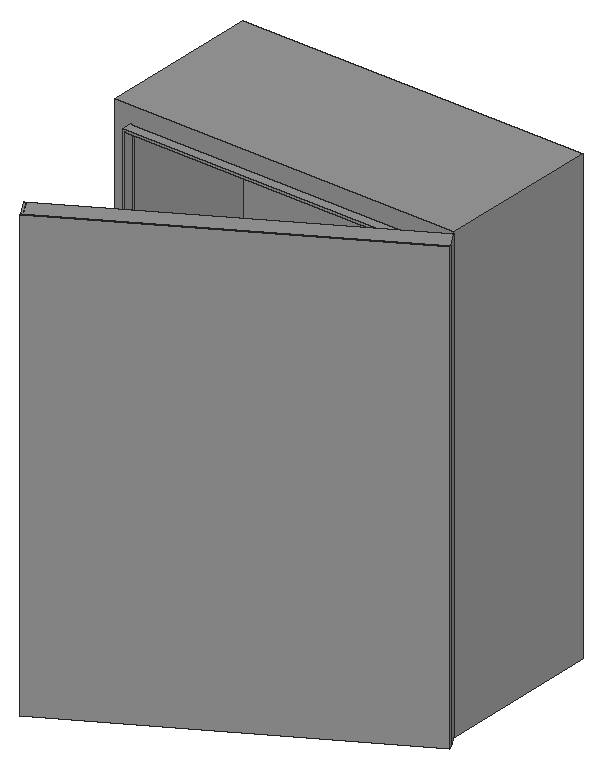
Revit family "Hager-Orion_Inox-IP65-D160-Cl.I-Inox_encl-630A-400mm-NoHosted-IT-it", category Equipement électrique, Revit 2020
Family settings
  Configuration du panneau = Deux colonnes, circuits au sein
  Cote de connecteur circulaire = Utiliser le diamètre
  Type d'élément = Tableau de raccordement
  Basée sur le plan de construction = Oui
  Toujours verticalement = Oui
  Couper avec des vides une fois chargée = Non
  Partagée = Non
  Point de calcul de pièce = Non
Parameters (values of type "incassato IP65 L300 A400 P160  - FL706BW")
  Width Control [instance] = if([EF000008 - Larghezza] > Min Width, [EF000008 - Larghezza], Min Width)  # 300 mm
  Commentaires du type = [HG000003 - Gamma]  # "Orion Inox"
  Thickness Door [instance] = if([EF009171 - spessore materiale porta/coperchio] > 3 mm, 3 mm, [EF009171 - spessore materiale porta/coperchio])  # 1.5 mm
  Seal Frame Offset [instance] = 17 mm  # constant formula
  Min Width [instance] = 100 mm  # constant formula
  Min Depth [instance] = (2 * [EF009170 - spessore materiale scatola]) + 1 mm  # 3.4 mm
  Min Height [instance] = 100 mm  # constant formula
  Internal Frame Depth [instance] = -(Door System Depth * 0.5)  # -9 mm
  Panel Name [instance] = ""  # (empty or 0)
  Model = ""
  HG000027 - Altezza dello zoccolo = 0 mm
  HG000026 - A pavimento = no
  HG000024 - Altezza della sezione inferiore = 600 mm
  HG000023 - Custodia a doppia sezione = no
  HG000016 - Visibilità delle porte nella vista 3D [instance] = yes
  HG000015 - Visibilità attraverso la porta [instance] = no
  HG000014 - Porta destra [instance] = yes
  HG000013 - Porta sinistra [instance] = not([HG000014 - Porta destra])  # no
  HG000012 - Angolo di apertura della porta [instance] = 30.00°
  HG000010 - Porte asimmetriche = no
  HG000009 - Porta doppia a battente = no
  HG000006 - Ad incasso = yes
  HG000004 - Codice produttore = "FL706BW"
  HG000003 - Gamma = "Orion Inox"
  HG000002 - Con porta = yes
  Frame Offset Bottom [instance] = 10 mm  # constant formula
  Frame Offset [instance] = 15 mm  # constant formula
  EF015940 - Coprire con rilascio di sovrapressione = no
  EF011959 - tipo di protezione (NEMA) = ""
  EF009554 - numero delle aperture per la piastra della flangia = 2
  EF009212 - esecuzione coperchio = "EV009916 - con taglio"
  EF009171 - spessore materiale porta/coperchio = 1.5 mm
  EF009170 - spessore materiale scatola = 1.2 mm
  EF008873 - corrente nominale (In) = 630 A
  EF007800 - adatto per parafulmine = no
  EF006306 - con serratura = yes
  EF006244 - coperchio/porta trasparente = no
  EF005474 - grado di protezione (IP) = "EV006421 - IP65"
  EF004464 - tipo di porta = "EV002646 - singolo"
  EF004427 - numero di moduli = 0
  EF004293 - resistenza agli urti = "EV008784 - IK10"
  EF003532 - adatto per uso esterno = yes
  EF002950 - Numero moduli DIN = 0
  EF001613 - Integrità del circuito = ""
  EF001596 - Attacco Lampada = "EV000166 - acciaio inossidabile"
  EF001131 - profondità interna = 160 mm
  EF001088 - possibilità di applicazione = no
  EF000437 - numero di ingressi per conduttori = 2
  EF000339 - tipo di copertura = "EV004216 - porta"
  EF000266 - numero di file = 0
  EF000218 - profondità di incasso = 0 mm
  EF000118 - con piastra di montaggio = yes
  EF000116 - numero RAL = ""
  EF000049 - profondità = 160 mm
  EF000040 - Altezza = 400 mm
  EF000008 - Larghezza = 300 mm
  EF000007 - colore = "EV000154 - altri"
  EF000003 - Tipo di montaggio = "EV001247 - apparente/incassato"
  Door System Leaf Tolerance [instance] = 1.5 mm  # constant formula
  Door System Depth [instance] = 18 mm  # constant formula
  Description = ""
  Default Elevation = 1219.2 mm
  Connector Offset [instance] = Height Control / 2  # 200 mm
  Fabricant = "Hager"  # constant formula
  Height Control [instance] = if([EF000040 - Altezza] > Min Height, [EF000040 - Altezza], Min Height)  # 400 mm
  Depth Control [instance] = if([EF000049 - profondità] > Min Depth, [EF000049 - profondità], Min Depth)  # 160 mm
Types (2, lengths in mm): name | HG000006 - Ad incasso
  apparente IP65 L300 A400 P160  - FL706BW | no
  incassato IP65 L300 A400 P160  - FL706BW | yes
Reference planes
  plane 1 "Center (Front/Back)": y = 0
  plane 2: z = 0
  plane 3 "Center (Left/Right)": x = 0
  plane 4: y = 0
  plane 5: y = 0
  plane 6: z = 0
  plane 7: x = -150
  plane 8: x = 150
  plane 9: x = 148.8
  plane 10: x = -148.8
  plane 11: z = 0
  plane 12: z = 1.2
  plane 13: y = -160
  plane 14: y = -1.2
  plane 15: x = 0
  plane 16: y = -142
  plane 17: y = -158.8
  plane 18: y = -140.8
  plane 19: x = -133.8
  plane 20: x = 133.8
  plane 21: z = 11.2
  plane 22: x = -133
  plane 23: x = 133
  plane 24: z = 0
  plane 25: z = 400
  plane 26: z = 400
  plane 27: z = 383.8
  plane 28: z = 398.8
Forms (mm)
  Extrusion 1, solid, material "Hager_Stainless_Steel", detail levels medium+fine
    sketch origin (-208.679, -4572, 0) x (-1, 0, 0) y (0, -1, 0)
      loop
        line (-58.679, -4430) -> (-358.679, -4430) -> (-358.679, -4572) -> (-58.679, -4572) -> (-58.679, -4430)
    from 0 to 400
  Extrusion 2, void
    sketch origin (-350.771, -160, 1219.2) x (1, 0, 0) y (0, 0, 1)
      loop
        line (201.971, -820.4) -> (201.971, -1218) -> (499.571, -1218) -> (499.571, -820.4) -> (201.971, -820.4)
    from -19.2 to -158.8
  Extrusion 3, void
    sketch origin (-290.084, -142, 1219.2) x (1, 0, 0) y (0, 0, 1)
      loop
        line (156.284, -1208) -> (423.884, -1208) -> (423.884, -835.4) -> (156.284, -835.4) -> (156.284, -1208)
    from 0 to -1.2
  Extrusion 4, solid, material "Hager_Stainless_Steel", detail levels fine
    sketch origin (-290.084, -142, 1219.2) x (-1, 0, 0) y (0, 0, 1)
      loop
        line (-423.884, -1208) -> (-156.284, -1208) -> (-156.284, -835.4) -> (-423.884, -835.4) -> (-423.884, -1208)
      loop
        line (-425.384, -1209.5) -> (-154.784, -1209.5) -> (-154.784, -833.9) -> (-425.384, -833.9) -> (-425.384, -1209.5)
    from 0 to -9 <- "Internal Frame Depth"
  Extrusion 5, solid, material "Hager_Stainless_Steel", detail levels coarse
    sketch origin (0, 0, 0) x (1, 0, 0) y (0, 1, 0)
      loop
        line (-150, 0) -> (-150, -160) -> (150, -160) -> (150, 0) -> (-150, 0)
    from 0 to 400 <- "Height Control"
Cuts and joins
  Extrusion 2, Extrusion 3 cuts Extrusion 1
Lines and regions (mm)
  Masking region 1
    outline origin (0, 0, 0) x (1, 0, 0) y (0, 1, 0)
      loop
        line (-150, 0) -> (-150, -160) -> (150, -160) -> (150, 0) -> (-150, 0)
  Masking region 2
    outline origin (-290.084, -142, 1219.2) x (-1, 0, 0) y (0, 0, 1)
      loop
        line (-440.084, -1219.2) -> (-140.084, -1219.2) -> (-140.084, -819.2) -> (-440.084, -819.2) -> (-440.084, -1219.2)
  Masking region 3, detail levels coarse
    outline origin (0, 0, 0) x (0, 1, 0) y (0, 0, 1)
      loop
        line (0, 0) -> (0, 400) -> (-160, 400) -> (-160, 0) -> (0, 0)
  Masking region 4, detail levels medium+fine
    outline origin (0, 0, 594.038) x (0, 1, 0) y (0, 0, 1)
      loop
        line (0, -594.038) -> (0, -194.038) -> (-142, -194.038) -> (-142, -594.038) -> (0, -594.038)
Dimensions and locks
  locked: plane 1 "Center (Front/Back)" to plane 5
  "EF009170 - spessore materiale scatola": plane 7 to plane 10
  "EF009170 - spessore materiale scatola": plane 8 to plane 9
  equal spacing: plane 7, plane 3 "Center (Left/Right)", plane 8
  "Width Control": plane 7 to plane 8
  "Depth Control": plane 4 to plane 13
  "EF009170 - spessore materiale scatola": plane 4 to plane 14
  "Height Control": plane 25 to level
  "EF009170 - spessore materiale scatola": plane 12 to plane 11
  "EF009170 - spessore materiale scatola": plane 17 to plane 13
  "EF009170 - spessore materiale scatola": plane 18 to plane 16
  "Frame Offset Bottom": plane 21 to plane 12
  "Frame Offset": plane 10 to plane 19
  "Frame Offset": plane 9 to plane 20
  "Door System Depth": plane 16 to plane 13
  "Seal Frame Offset": plane 7 to plane 22
  "Seal Frame Offset": plane 8 to plane 23
  "EF009170 - spessore materiale scatola": plane 26 to plane 28
  "Frame Offset": plane 28 to plane 27
  "Connector Offset": plane 2 to connector elem
  "Thickness Door": cut or joined group of Extrusion 1, Extrusion 2, Extrusion 3 to Extrusion 4 sketch curve
  "Thickness Door": Extrusion 4 sketch curve to plane 19
  "Thickness Door": Extrusion 4 sketch curve to plane 20
  "Thickness Door": Extrusion 4 sketch curve to plane 27
  aligned and locked: plane 12 to Extrusion 2 sketch curve
  aligned and locked: Extrusion 2 sketch curve to plane 9
  aligned and locked: Extrusion 2 sketch curve to plane 10
  aligned and locked: plane 14 to Extrusion 2
  aligned and locked: plane 4 to Extrusion 1 sketch curve
  aligned and locked: plane 8 to Extrusion 1 sketch curve
  aligned and locked: plane 7 to Extrusion 1 sketch curve
  aligned and locked: Extrusion 2 to plane 18
  aligned and locked: plane 19 to Extrusion 3 sketch curve
  aligned and locked: plane 20 to Extrusion 3 sketch curve
  aligned and locked: Extrusion 3 to Extrusion 2
  aligned and locked: Extrusion 3 sketch curve to plane 21
  aligned and locked: plane 3 "Center (Left/Right)" to nested 1
  aligned and locked: Extrusion 1 sketch curve to plane 16
  aligned and locked: Masking region 1 sketch curve to plane 7
  aligned and locked: Masking region 1 sketch curve to plane 5
  aligned and locked: Masking region 1 sketch curve to plane 8
  aligned and locked: Masking region 2 sketch curve to level
  aligned and locked: level to Masking region 3 sketch curve
  aligned and locked: plane 1 "Center (Front/Back)" to Masking region 3 sketch curve
  aligned and locked: plane 13 to Masking region 3 sketch curve
  aligned and locked: Masking region 2 sketch curve to plane 8
  aligned and locked: Masking region 2 sketch curve to plane 7
  aligned and locked: plane 7 to nested 2
  aligned and locked: nested 2 to plane 5
  aligned and locked: plane 5 to Masking region 4 sketch curve
  aligned and locked: plane 26 to Masking region 4 sketch curve
  aligned and locked: Extrusion 5 sketch curve to plane 8
  aligned and locked: Extrusion 5 sketch curve to plane 7
  aligned and locked: Extrusion 5 sketch curve to plane 5
  aligned and locked: plane 27 to Extrusion 3 sketch curve
  aligned and locked: Extrusion 2 sketch curve to plane 28
  aligned and locked: plane 27 to Extrusion 4 sketch curve
  aligned and locked: Extrusion 4 sketch curve to plane 20
  aligned and locked: plane 21 to Extrusion 4 sketch curve
  aligned and locked: Extrusion 4 sketch curve to plane 19
  aligned and locked: Masking region 2 to plane 25
  aligned and locked: Masking region 4 sketch curve to plane 24
  aligned and locked: Masking region 1 to plane 13
  aligned and locked: nested 1 to plane 16
  aligned and locked: Masking region 3 to plane 25
  aligned and locked: Masking region 4 sketch curve to plane 16
  aligned and locked: plane 24 to plane 11
  aligned and locked: plane 26 to plane 25
  aligned and locked: level to plane 24
  aligned and locked: Extrusion 1 to Masking region 3
  aligned and locked: level to nested 1
Automatic sketch dimensions
  Extrusion 5 sketch curve to plane 13 = 0 mm
  plane 27 to Masking region 2 sketch curve = 16.2 mm
  plane 27 to Masking region 3 sketch curve = 16.2 mm
  Masking region 1 sketch curve to plane 13 = 0 mm
  Extrusion 3 sketch curve to plane 21 = 0 mm
  plane 19 to Extrusion 3 sketch curve = 0 mm
  Extrusion 3 sketch curve to plane 20 = 0 mm
Nested families
  nested 1: "EC000058_OrionInox_Door" at (0, -142, 0), Double <- "HG000009 - Porta doppia a battente", Transparent <- "EF006244 - coperchio/porta trasparente", Angle <- "HG000012 - Angolo di apertura della porta", Door_Right <- "HG000014 - Porta destra", Assymetrical <- "HG000010 - Porte asimmetriche", Door <- "HG000002 - Con porta", Width_Ctrl <- "Width Control", 3d_Door <- "HG000016 - Visibilità delle porte nella vista 3D", Clearance <- "HG000015 - Visibilità attraverso la porta", Door_Left <- "HG000013 - Porta sinistra", Width <- "Width Control", Door_Depth <- "Door System Depth", Leaf_Tolerance <- "Door System Leaf Tolerance", Height <- "Height Control", Thickness <- "Thickness Door", type "EC000058_OrionInox_Door", detail levels medium+fine
    with min_wh 4 mm, Width_Ctrl 300 mm, Width 300 mm, Transparent no, Thickness 1.5 mm, Seal_Material Hager_Rubber, Leaf_Width 300 mm, Leaf_Tolerance_External_Sides 0 mm, Leaf_Tolerance 1.5 mm, Leaf_Offset 0 mm, Leaf_Height 397 mm, Leaf_2_Width 300 mm, Leaf_2_Offset 150 mm, Leaf_1_Width 300 mm, Leaf_1_Offset 150 mm, Height_Ctrl 400 mm, Height 400 mm, Glass_Material Hager_Glass, Double_Clearance_Ctrl no, Double no, Door_Right_Ctrl yes, Door_Right yes, Door_Material Hager_Stainless_Steel, Door_Left_Ctrl no, Door_Left no, Door_Depth 18 mm, Door yes, Clearance_Material Hager_Clearance, Clearance_Depth 300 mm, Clearance_Ctrl no, Clearance no, Assymetrical no, Angle 30.00°, 3d_Door yes
  nested 2: "Hager_Enclosure_Symbol" at (-150, 0, 0), Height <- "Depth Control", Width <- "Width Control", type "Hager_Enclosure_Symbol"
    with Width_Ctrl 300 mm, Width 300 mm, Height_Ctrl 160 mm, Height 160 mm, A_Width_Int 10.5 mm, A_Width 126 mm, A_Height_Ctrl 140 mm, A_Height 140 mm
Connectors
  electrical at (0, 0, 200)
    settings: on plane 1 "Center (Front/Back)", index 1, voltage 0 V, apparent load 0 VA, apparent load phase1 0 VA, apparent load phase2 0 VA, apparent load phase3 0 VA, power factor 1, load classification "Other", number of poles 1, system type 30, power factor state 1, is connector primary yes, connector utility no, sub classification motor no, connector description ""
Definition of nested family "EC000058_OrionInox_Door"
  Parameters (values of type "EC000058_OrionInox_Door")
    min_wh [instance] = (2 * Thickness) + 1 mm  # 11 mm
    Width_Ctrl [instance] = 400 mm
    Width [instance] = 500 mm
    Transparent [instance] = yes
    Thickness [instance] = 5 mm
    Seal_Material [instance] = none
    Leaf_Width [instance] = if((Width_Ctrl - 2 * Leaf_Tolerance_External_Sides) > 0 mm, (Width_Ctrl - 2 * Leaf_Tolerance_External_Sides), min_wh)  # 400 mm
    Leaf_Tolerance_External_Sides [instance] = 0 mm  # constant formula
    Leaf_Tolerance [instance] = 1.5 mm
    Leaf_Offset [instance] = 0 mm  # constant formula
    Leaf_Height [instance] = if((Height_Ctrl - 2 * Leaf_Tolerance) > 0 mm, (Height_Ctrl - 2 * Leaf_Tolerance), min_wh)  # 497 mm
    Leaf_2_Width [instance] = if(and(and(Double, Assymetrical), Door_Left), (Leaf_Width / 3) - (Leaf_Tolerance / 2), if(and(and(Double, Assymetrical), Door_Right), (Leaf_Width / 3) * 2 - (Leaf_Tolerance / 2), if(and(Double, not(Assymetrical)), (Leaf_Width / 2) - Leaf_Tolerance, Leaf_Width)))  # 400 mm
    Leaf_2_Offset [instance] = if(and(Double, Assymetrical), Leaf_2_Width / 2, if(and(Double, not(Assymetrical)), Leaf_Width / 4, Leaf_Width / 2))  # 200 mm
    Leaf_1_Width [instance] = if(and(and(Double, Assymetrical), Door_Right), (Leaf_Width / 3) - (Leaf_Tolerance / 2), if(and(and(Double, Assymetrical), Door_Left), (Width / 3) * 2 - (Leaf_Tolerance / 2), if(and(Double, not(Assymetrical)), (Leaf_Width / 2) - Leaf_Tolerance, Leaf_Width)))  # 400 mm
    Leaf_1_Offset [instance] = if(and(Double, Assymetrical), Leaf_1_Width / 2, if(and(Double, not(Assymetrical)), Leaf_Width / 4, Leaf_Width / 2))  # 200 mm
    Height_Ctrl [instance] = if(Height > min_wh, Height, min_wh)  # 500 mm
    Height [instance] = 500 mm
    Glass_Material [instance] = none
    Double_Clearance_Ctrl [instance] = and(Double, Clearance)  # no
    Double [instance] = no
    Door_Right_Ctrl [instance] = and(or(Door_Right, Double), Door)  # yes
    Door_Right [instance] = yes
    Door_Material [instance] = none
    Door_Left_Ctrl [instance] = and(or(Door_Left, Double), Door)  # no
    Door_Left [instance] = no
    Door_Depth [instance] = 30 mm
    Door [instance] = yes
    Default Elevation = 1219.2 mm
    Clearance_Material [instance] = none
    Clearance_Depth [instance] = if(Leaf_1_Width > Leaf_2_Width, Leaf_1_Width, Leaf_2_Width)  # 400 mm
    Clearance_Ctrl [instance] = and(not(Double), Clearance)  # yes
    Clearance [instance] = yes
    Assymetrical [instance] = yes
    Angle [instance] = 30.00°
    3d_Door [instance] = yes
  Reference planes
    plane 1 "Center (Front/Back)": y = 0
    plane 2 "Bottom": z = 0
    plane 3 "Center (Left/Right)": x = 0
    plane 4: z = 500
    plane 5: x = -200
    plane 6: x = 200
    plane 7: z = 500
    plane 8: x = -200
    plane 9: z = 0
    plane 10: x = 200
    plane 11: y = 0
    plane 12: z = 1.5
    plane 13: x = -600
    plane 14: y = -400
    plane 15: x = 600
    plane 16: x = 0
    plane 17: x = 0
    plane 18: x = -200
    plane 19: x = 200
    plane 20: z = 498.5
  Forms (mm)
    Extrusion 1, solid, material <- "Clearance_Material", visible <- "Double_Clearance_Ctrl"
      sketch origin (1200, 0, 0) x (1, 0, 0) y (0, 0, -1)
        loop
          line (-1800, -498.5) -> (-600, -498.5) -> (-600, 0) -> (-1800, 0) -> (-1800, -498.5)
      from 0 to -400
  Dimensions and locks
    equal spacing: plane 5, plane 3 "Center (Left/Right)", plane 6
    "Width_Ctrl": plane 5 to plane 6
    "Leaf_Offset": plane 5 to plane 8
    "Leaf_Offset": plane 6 to plane 10
    "Leaf_Offset": plane 9 to level
    "Leaf_Offset": plane 4 to plane 7
    "Height_Ctrl": plane 4 to level
    "Leaf_Tolerance": plane 12 to plane 9
    locked: plane 11 to plane 1 "Center (Front/Back)"
    "Leaf_1_Offset": plane 18 to plane 16
    "Leaf_2_Offset": plane 17 to plane 19
    "Leaf_1_Width": plane 13 to plane 8
    "Leaf_2_Width": plane 10 to plane 15
    "Clearance_Depth": plane 14 to plane 1 "Center (Front/Back)"
    "Leaf_Tolerance_External_Sides": plane 8 to plane 18
    "Leaf_Tolerance_External_Sides": plane 19 to plane 10
    "Leaf_Tolerance": plane 7 to plane 20
    aligned and locked: level to plane 2 "Bottom"
    aligned and locked: nested 1 to plane 16
    aligned and locked: nested 2 to plane 17
    aligned and locked: Extrusion 1 to plane 13
    aligned and locked: plane 15 to Extrusion 1
    aligned and locked: Extrusion 1 to plane 14
    aligned and locked: plane 12 to nested 1
    aligned and locked: nested 2 to plane 12
    aligned and locked: Extrusion 1 to plane 11
    aligned and locked: plane 20 to Extrusion 1
    aligned and locked: nested 2 to plane 11
    aligned and locked: nested 1 to plane 11
  Automatic sketch dimensions
    Extrusion 1 sketch curve to level = 0 mm
    plane 5 to Extrusion 1 sketch curve = 400 mm
    plane 6 to Extrusion 1 sketch curve = 400 mm
    Extrusion 1 sketch curve to plane 4 = 1.5 mm
  Nested families
    nested 1: "EC000058_OrionInox_Door_Leaf" at (0, 0, 1.5), Width <- "Leaf_1_Width", visible <- "Door_Left_Ctrl", Leaf_Height <- "Leaf_Height", Angle <- "Angle", 3d_Door <- "3d_Door", Transparent <- "Transparent", Clearance Material <- "Clearance_Material", Clearance <- "Clearance_Ctrl", Door_Material <- "Door_Material", Glass_Material <- "Glass_Material", Door_Depth <- "Door_Depth", Seal_Material <- "Seal_Material", Thickness <- "Thickness", type "EC000058_OrionInox_Door_Leaf"
      with Width 400 mm, Transparent_Ctrl yes, Transparent yes, Thickness 5 mm, Standard no, Seal_Material none, Seal_D2 8 mm, Seal_D1 1 mm, Offset_Internal_Frame 10 mm, Lock_Width 28 mm, Lock_Thickness 2 mm, Lock_Radius 6 mm, Leaf_Height 497 mm, Internal_Seal_Thickness 8 mm, Internal_Seal_Depth_2 4.5 mm, Internal_Frame_Depth 25 mm, Glass_Thickness -1 mm, Glass_Offset -2 mm, Glass_Material none, Door_Material none, Door_Depth 30 mm, Clearance Material none, Clearance yes, Angle_Ctrl 30.00°, Angle 30.00°, 3d_Door yes
    nested 2: "EC000058_OrionInox_Door_Leaf" at (0, 0, 1.5) x (-1, 0, 0) z (0, 0, 1), Width <- "Leaf_2_Width", visible <- "Door_Right_Ctrl", Leaf_Height <- "Leaf_Height", Angle <- "Angle", 3d_Door <- "3d_Door", Transparent <- "Transparent", Clearance Material <- "Clearance_Material", Clearance <- "Clearance_Ctrl", Door_Material <- "Door_Material", Glass_Material <- "Glass_Material", Door_Depth <- "Door_Depth", Seal_Material <- "Seal_Material", Thickness <- "Thickness", type "EC000058_OrionInox_Door_Leaf"
      with Width 400 mm, Transparent_Ctrl yes, Transparent yes, Thickness 5 mm, Standard no, Seal_Material none, Seal_D2 8 mm, Seal_D1 1 mm, Offset_Internal_Frame 10 mm, Lock_Width 28 mm, Lock_Thickness 2 mm, Lock_Radius 6 mm, Leaf_Height 497 mm, Internal_Seal_Thickness 8 mm, Internal_Seal_Depth_2 4.5 mm, Internal_Frame_Depth 25 mm, Glass_Thickness -1 mm, Glass_Offset -2 mm, Glass_Material none, Door_Material none, Door_Depth 30 mm, Clearance Material none, Clearance yes, Angle_Ctrl 30.00°, Angle 30.00°, 3d_Door yes
  Definition of nested family "EC000058_OrionInox_Door_Leaf"
    Parameters (values of type "EC000058_OrionInox_Door_Leaf")
      Width [instance] = 450 mm
      Transparent_Ctrl [instance] = and(Transparent, [3d_Door])  # yes
      Transparent [instance] = yes
      Thickness [instance] = 5 mm
      Standard [instance] = and(not(Transparent), [3d_Door])  # no
      Seal_Material [instance] = none
      Seal_D2 [instance] = 8 mm  # constant formula
      Seal_D1 [instance] = 1 mm  # constant formula
      Offset_Internal_Frame [instance] = 10 mm  # constant formula
      Lock_Width [instance] = Door_Depth - Lock_Thickness  # 28 mm
      Lock_Thickness [instance] = 2 mm  # constant formula
      Lock_Radius [instance] = 6 mm  # constant formula
      Leaf_Height [instance] = 450 mm
      Internal_Seal_Thickness [instance] = 8 mm  # constant formula
      Internal_Seal_Depth_2 [instance] = 4.5 mm  # constant formula
      Internal_Frame_Depth [instance] = if(Door_Depth - Thickness > 5 mm, Door_Depth - Thickness, 5 mm)  # 25 mm
      Glass_Thickness [instance] = if(Thickness > 15 mm, Glass_Offset + 10 mm, -1 mm)  # -1 mm
      Glass_Offset [instance] = if(Thickness > 15 mm, -(Thickness + 10 mm) / 2, -2 mm)  # -2 mm
      Glass_Material [instance] = none
      Door_Material [instance] = none
      Door_Depth [instance] = 30 mm
      Default Elevation = 0 mm
      Clearance Material [instance] = none
      Clearance [instance] = yes
      Angle_Ctrl [instance] = if(Angle > 180.00°, 180.00°, Angle)  # 90.00°
      Angle [instance] = 90.00°
      3d_Door [instance] = yes
    Reference planes
      plane 1 "Center (Front/Back)": y = 0
      plane 2: z = 0
      plane 3 "Center (Left/Right)": x = 0
      plane 4: y = 450
      plane 5: x = -225
      plane 6: x = 225
      plane 7: x = -675
      plane 8: z = 450
      plane 9: z = 30
      plane 10: z = 420
      plane 11: x = 195
      plane 12: x = -195
      plane 13: y = -3
      plane 14: z = 107.833
      plane 15: y = -5
      plane 16: y = -223.314
      plane 17: x = -225
      plane 18: y = 30
    Forms (mm)
      Extrusion 1, solid, material <- "Clearance Material", visible <- "Clearance"
        sketch origin (0, 0, 0) x (1, 0, 0) y (0, 0, 1)
          loop
            line (-675, 450) -> (-675, 0) -> (225, 0) -> (225, 450) -> (-675, 450)
        from 0 to -450
      Extrusion 2, solid, material <- "Door_Material", visible <- "Standard", detail levels medium+fine
        sketch origin (-225, 0, 0) x (0, 1, 0) y (-1, 0, 0)
          loop
            line (0, 30) -> (0, 25) -> (450, 25) -> (450, 30) -> (0, 30)
        from 0 to 450 <- "Leaf_Height"
      Extrusion 3, solid, material <- "Door_Material", visible <- "Transparent_Ctrl", detail levels medium+fine
        sketch origin (-225, 0, 0) x (0, 1, 0) y (-1, 0, 0)
          loop
            line (0, 25) -> (450, 25) -> (450, 30) -> (0, 30) -> (0, 25)
        from 0 to 450 <- "Leaf_Height"
      Extrusion 4, void
        sketch origin (-250, 450, 0) x (0, 1, 0) y (0, 0, -1)
          loop
            line (-30, -420) -> (-30, -30) -> (-420, -30) -> (-420, -420) -> (-30, -420)
        from 0 to 5 <- "Thickness"
      Sweep 5, solid, material <- "Seal_Material", visible <- "Transparent_Ctrl", detail levels fine
        path in 3D
          loop
            line (-250, 30, 30) -> (-250, 30, 420) -> (-250, 420, 420) -> (-250, 420, 30) -> (-250, 30, 30)
        profile origin (-250, 225, 30) x (1, 0, 0) y (0, 0, 1)
          loop
            line (0, 0) -> (0, -8) -> (1, -8) -> (1, 0) -> (0, 0)
      Extrusion 6, solid, material <- "Glass_Material", visible <- "Transparent_Ctrl", detail levels medium+fine
        sketch origin (-255, 0, 0) x (0, 1, 0) y (0, 0, -1)
          loop
            line (420, -420) -> (420, -30) -> (30, -30) -> (30, -420) -> (420, -420)
        from -2 <- "Glass_Offset" to -1 <- "Glass_Thickness"
      Extrusion 7, solid, material <- "Door_Material", visible <- "3d_Door", detail levels medium+fine
        sketch origin (-250, 450, 0) x (0, -1, 0) y (0, 0, -1)
          loop
            line (0, -450) -> (450, -450) -> (450, 0) -> (0, 0) -> (0, -450)
          loop
            line (445, -5) -> (5, -5) -> (5, -445) -> (445, -445) -> (445, -5)
        from 0 to 25 <- "Internal_Frame_Depth"
      Sweep 8, solid, material <- "Seal_Material", visible <- "Transparent_Ctrl", detail levels fine
        path in 3D
          loop
            line (-250, 0, 0) -> (-250, 450, 0) -> (-250, 450, 450) -> (-250, 0, 450) -> (-250, 0, 0)
        profile origin (-250, 0, 225) x (1, 0, 0) y (0, 1, 0)
          loop
            line (0, 10) -> (2.975, 10)
            arc (2.975, 10) -> (4.053, 10.447) -> (4.5, 11.525) r 1.525
            line (4.5, 11.525) -> (4.5, 16.527)
            arc (4.5, 16.527) -> (4.069, 17.569) -> (3.027, 18) r 1.473
            line (3.027, 18) -> (0, 18) -> (0, 10)
    Cuts and joins
      Extrusion 4 cuts Extrusion 3
    Lines and regions (mm)
      Masking region 1, detail levels medium+fine
        outline origin (0, 0, 0) x (0, 1, 0) y (0, 0, 1)
          loop
            line (0, 0) -> (30, 0) -> (30, 450) -> (0, 450) -> (0, 0)
      Masking region 2, detail levels medium+fine
        outline origin (0, 0, 0) x (1, 0, 0) y (0, 0, 1)
          loop
            line (-225, 450) -> (-225, 0) -> (225, 0) -> (225, 450) -> (-225, 450)
      symbolic lines
        curve 1: line (225, 0, 0) -> (-675, 0, 0)
        curve 2: arc (225, 0, 0) -> (-225, 450, 0) -> (-675, 0, 0) r 450
        curve 4: line (-255, 0, 0) -> (-255, 450, 0)
      reference lines
        curve 3: line (-225, 0, 0) -> (-225, 450, 0)
      symbolic lines, detail levels medium+fine
        curve 5: line (-255, 450, 0) -> (-250, 450, 0)
        curve 7: line (-250, 0, 0) -> (-255, 0, 0)
        curve 8: line (-250, 0, 0) -> (-225, 0, 0)
        curve 9: line (-225, 0, 0) -> (-225, 450, 0)
        curve 10: line (-225, 450, 0) -> (-250, 450, 0)
      symbolic lines, detail levels fine
        curve 6: line (-250, 450, 0) -> (-250, 0, 0)
      sketch lines
        curve 11: line (-250, 0, 450) -> (-250, 0, 0)
        curve 12: line (-250, 450, 0) -> (-250, 0, 0)
        curve 13: line (-250, 450, 450) -> (-250, 450, 0)
        curve 14: line (-250, 0, 450) -> (-250, 450, 450)
        curve 15: line (-250, 420, 30) -> (-250, 30, 30)
        curve 16: line (-250, 30, 30) -> (-250, 30, 420)
        curve 17: line (-250, 420, 420) -> (-250, 420, 30)
        curve 18: line (-250, 30, 420) -> (-250, 420, 420)
      symbolic lines, visible <- "Transparent", detail levels medium+fine
        curve 19: line (-195, 0, 420) -> (195, 0, 420)
        curve 20: line (-195, 0, 30) -> (-195, 0, 420)
        curve 21: line (195, 0, 30) -> (-195, 0, 30)
        curve 22: line (195, 0, 420) -> (195, 0, 30)
    Dimensions and locks
      "Width": plane 1 "Center (Front/Back)" to plane 4
      equal spacing: plane 5, plane 3 "Center (Left/Right)", plane 6
      "Width": plane 5 to plane 6
      "Width": plane 7 to plane 5
      "Leaf_Height": plane 8 to level
      "Width": curve 5 to curve 3
      "Width": curve 3 to curve 3
      plane 8 to plane 10 = 30 mm
      plane 9 to level = 30 mm
      plane 12 to plane 5 = 30 mm
      plane 6 to plane 11 = 30 mm
      Extrusion 4 sketch curve to Extrusion 3 = 30 mm
      Extrusion 3 to Extrusion 4 sketch curve = 30 mm
      Extrusion 1 to Extrusion 4 sketch curve = 30 mm
      curve 3 to Extrusion 4 sketch curve = 30 mm
      Extrusion 4 sketch curve to cut or joined group of Extrusion 3, Extrusion 4 = 30 mm
      cut or joined group of Extrusion 3, Extrusion 4 to Extrusion 6 sketch curve = 30 mm
      cut or joined group of Extrusion 3, Extrusion 4 to Extrusion 4 sketch curve = 30 mm
      "Thickness": curve 6 to curve 4
      "Thickness": Extrusion 7 sketch curve to Extrusion 7 sketch curve  (x4)
      "Door_Depth": curve 4 to curve 3
      "Offset_Internal_Frame": profile plane to Sweep 8 sketch curve
      "Internal_Seal_Thickness": Sweep 8 sketch curve to Sweep 8 sketch curve
      "Internal_Seal_Depth_2": profile plane to Sweep 8 sketch curve
      "Seal_D1": profile plane to Sweep 5 sketch curve
      "Seal_D2": profile plane to Sweep 5 sketch curve
      "Thickness": Extrusion 2 sketch curve to Extrusion 2 sketch curve
      "Door_Depth": plane 18 to plane 1 "Center (Front/Back)"
      radius of Sweep 8 sketch curve = 1.525 mm
      radius of Sweep 8 sketch curve = 1.473 mm
      "Angle_Ctrl": angle plane 1 "Center (Front/Back)" to curve 3
      aligned and locked: level to plane 2
      aligned and locked: Extrusion 1 to curve 1
      aligned and locked: plane 6 to Extrusion 1
      aligned and locked: plane 1 "Center (Front/Back)" to Extrusion 1
      aligned and locked: plane 4 to Extrusion 1
      aligned and locked: plane 8 to Extrusion 1
      aligned and locked: curve 7 to Extrusion 2 sketch curve
      aligned and locked: curve 5 to Extrusion 2 sketch curve
      aligned and locked: curve 7 to Extrusion 3 sketch curve
      aligned and locked: Extrusion 3 sketch curve to curve 4
      aligned and locked: Extrusion 3 sketch curve to curve 6
      aligned and locked: Extrusion 3 sketch curve to curve 5
      aligned and locked: curve 9 to curve 3
      aligned and locked: Extrusion 7 sketch curve to cut or joined group of Extrusion 3, Extrusion 4  (x4)
      aligned and locked: plane 17 to curve 3
      aligned and locked: plane 1 "Center (Front/Back)" to curve 3
      aligned and locked: plane 17 to plane 5
      aligned and locked: Sweep 8 sketch curve to profile plane
      aligned and locked: Sweep 5 sketch curve to profile plane  (x2)
      aligned and locked: plane 1 "Center (Front/Back)" to Masking region 1 sketch curve
      aligned and locked: plane 18 to Masking region 1 sketch curve
      aligned and locked: level to Masking region 1 sketch curve
      aligned and locked: Masking region 1 sketch curve to plane 8
      aligned and locked: plane 17 to Masking region 2 sketch curve
      aligned and locked: level to Masking region 2 sketch curve
      aligned and locked: Masking region 2 sketch curve to plane 8
      aligned and locked: plane 12 to curve 20
      aligned and locked: plane 10 to curve 19
      aligned and locked: plane 11 to curve 22
      aligned and locked: plane 9 to curve 21
      aligned and locked: Extrusion 2 sketch curve to cut or joined group of Extrusion 3, Extrusion 4
    Automatic sketch dimensions
      plane 1 "Center (Front/Back)" to curve 2 = 0 mm
      curve 2 to plane 5 = 0 mm
      Extrusion 1 sketch curve to level = 0 mm
      Extrusion 1 sketch curve to plane 7 = 0 mm
      Extrusion 1 sketch curve to plane 6 = 0 mm
      Extrusion 1 sketch curve to plane 8 = 0 mm
      Extrusion 3 to Extrusion 6 sketch curve = 30 mm  (x4)
      Masking region 2 sketch curve to plane 6 = 0 mm
      curve 4 to curve 3 = 0 mm
Definition of nested family "Hager_Enclosure_Symbol"
  Parameters (values of type "Hager_Enclosure_Symbol")
    Width_Ctrl [instance] = if(Width > 1 mm, Width, 1 mm)  # 102.27 mm
    Width [instance] = 102.27 mm
    Height_Ctrl [instance] = if(Height > 1 mm, Height, 1 mm)  # 66.5 mm
    A_Width_Int [instance] = if(A_Width / 12 > 2 mm, A_Width / 12, 2 mm)  # 4.364 mm
    A_Width [instance] = if(A_Height_Ctrl * 0.9 > 2 mm, A_Height_Ctrl * 0.9, 2 mm)  # 52.369 mm
    A_Height_Ctrl [instance] = if(A_Height > 2 mm, A_Height, 2 mm)  # 58.188 mm
    Height [instance] = 66.5 mm
    A_Height [instance] = Height - (Height / 8)  # 58.188 mm
  Reference planes
    plane 1 "Centre (avant/arrière)": y = 0
    plane 2: z = 0
    plane 3 "Centre (gauche/droite)": x = 0
    plane 4: x = 52.369
    plane 5: y = 33.042
    plane 6: y = 41.77
    plane 7: y = 66.5
    plane 8: x = 26.184
    plane 9: y = 37.406
    plane 10: x = 102.27
    plane 11: y = 66.5
    plane 12: y = 8.313
  Lines and regions (mm)
    Filled region 1, type "Solid_Black", in view "Niveau de réf."
      outline origin (0, 0, 0) x (1, 0, 0) y (0, 1, 0)
        loop
          line (52.369, 66.5) -> (33.188, 54.536) -> (45.365, 45.006) -> (52.369, 66.5)
    Filled region 2, type "Solid_Black", in view "Niveau de réf."
      outline origin (0, 0, 0) x (1, 0, 0) y (0, 1, 0)
        loop
          line (0, 0) -> (102.27, 0) -> (102.27, 66.5) -> (0, 0)
    detail lines, in view "Niveau de réf."
      curve 1: line (0, 8.313, 0) -> (26.184, 41.77, 0)
      curve 2: line (26.184, 41.77, 0) -> (26.184, 33.042, 0)
      curve 3: line (26.184, 33.042, 0) -> (52.369, 66.5, 0)
  Dimensions and locks
    "A_Width": plane 3 "Centre (gauche/droite)" to plane 4
    equal spacing: plane 3 "Centre (gauche/droite)", plane 8, plane 4
    equal spacing: plane 6, plane 9, plane 5
    equal spacing: curve 3, Filled region 1 sketch curve, Filled region 1 sketch curve
    "Height_Ctrl": plane 1 "Centre (avant/arrière)" to plane 11
    "A_Height_Ctrl": plane 11 to plane 12
    equal spacing: plane 11, plane 9, plane 12
    "A_Width_Int": plane 6 to plane 9
    "Width_Ctrl": plane 3 "Centre (gauche/droite)" to plane 10
    angle Filled region 1 sketch curve to curve 3 = 20.00°
    angle curve 3 to Filled region 1 sketch curve = 20.00°
    locked: curve 3 to Filled region 1 sketch curve (angle 90.00°)
    aligned and locked: plane 10 to Filled region 2
    aligned and locked: plane 11 to Filled region 2 sketch curve
    aligned and locked: plane 10 to Filled region 2 sketch curve
    aligned and locked: plane 3 "Centre (gauche/droite)" to curve 1
    aligned and locked: plane 12 to curve 1
    aligned and locked: plane 7 to plane 11
  Automatic sketch dimensions
    Filled region 1 sketch curve to plane 4 = 0 mm
    Filled region 1 sketch curve to plane 7 = 0 mm
    plane 1 "Centre (avant/arrière)" to Filled region 2 sketch curve = 0 mm
    Filled region 2 sketch curve to plane 3 "Centre (gauche/droite)" = 0 mm
    curve 2 to plane 6 = 0 mm
    curve 2 to plane 8 = 0 mm
    curve 3 to plane 4 = 0 mm
    curve 2 to plane 5 = 0 mm
    curve 3 to plane 7 = 0 mm
